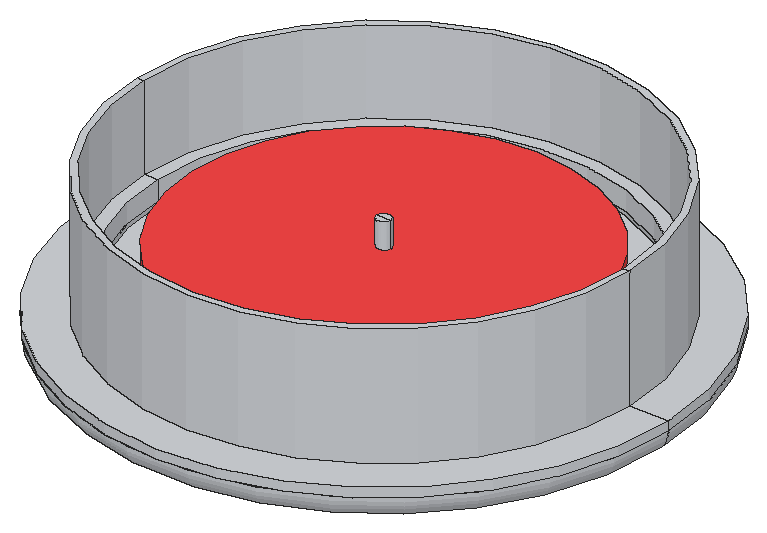
Revit family "fire rated valve BIM", category Specialty Equipment, host Ceiling, Revit 2024
Family settings
  Host = Ceiling
  Round Connector Dimension = Use Diameter
  Part Type = Normal
  Enable Cutting in Views = No
  Always vertical = Yes
  Cut with Voids When Loaded = No
  Maintain Annotation Orientation = No
  Shared = No
  Room Calculation Point = No
Parameters (values of type "Supply - 125mm")
  Part numbers = "90002218, 90002219"
  Valve_Rad = Overall_Rad - 18 mm  # 67 mm
  Supply_Valve = yes
  Overall_Rad = 85 mm
  URL = ""
  Performance = "BS EN 1366-3:2009 & BS 476, ETA-12/0332, 1224-CPR-0341, CE Marked"
  OutsideRadius = 62 mm
  Material = "Intumescent Sealant"
  Manufacturer = "Airflow Developments"
  InsideRadius = 60 mm
  IFC Classification = "Building Element Proxy"
  Holder_Depth = 36 mm
  Extract_Valve = no
  Disc_Rad = 57 mm
  Description = "Ø125mm Fire Rated Supply Valve"
  Default Elevation = 0 mm
  Cut_Out_Rad = 73.6 mm
Types (2, lengths in mm): name | Part numbers | Supply_Valve | Extract_Valve | Description
  Supply - 125mm | "90002218, 90002219" | yes | no | "Ø125mm Fire Rated Supply Valve"
  Extract - 125mm | "90002216, 90002217" | no | yes | "Ø125mm Fire Rated Extract Valve"
Reference planes
  plane 1 "Center (Front/Back)": y = 0
  plane 2: z = 0
  plane 3 "Center (Left/Right)": x = 0
  plane 4 "Ceiling": z = 4000
  plane 5: x = -85
  plane 6: x = -85
  plane 7: x = -73.575
  plane 8: x = -71.575
  plane 9: x = -86.14
  plane 10: x = -77.923
  plane 11: x = -67
  plane 12: x = -67.515
  plane 13: x = -71.365
  plane 14: z = 4036
  plane 15: x = -34.694
  plane 16: x = -2
  plane 17: x = -67
  plane 18: x = -76.694
  plane 19: x = -2
Forms (mm)
  Revolve 1, solid
    sketch origin (0.165, 0, 4040.987) x (-1, 0, 0) y (0, 0, -1)
      loop
        line (67.68, 35.894) -> (67.68, 30.011) -> (71.53, 30.011) -> (71.53, 43.787) -> (85.165, 43.787)
        arc (85.165, 43.787) -> (80.822, 50.416) -> (73.052, 48.861) r 7.078
        arc (73.052, 48.861) -> (69.098, 42.903) -> (67.68, 35.894) r 18.625
      axis (0.165, 48.861) -> (0.165, 30.011)
    angle from 0 to 360
  Extrusion 2, void
    sketch origin (0, 0, 4000) x (0, 1, 0) y (-1, 0, 0)
      loop
        circle (0, 0) r 73.6
    from -61.66 to 119.173
  Revolve 3, solid
    sketch origin (0, 0, 0) x (1, 0, 0) y (0, 0, 1)
      loop
        line (-85, 3997.2) -> (-71.575, 3997.2) -> (-71.575, 4036) -> (-73.575, 4036) -> (-73.575, 4000) -> (-85, 4000) -> (-85, 3997.2)
      axis (0, 3997.2) -> (0, 4036)
    angle from 0 to 360
  Revolve 4, solid, visible <- "Supply_Valve"
    sketch origin (0, 0, 4.375) x (1, 0, 0) y (0, 0, 1)
      loop
        line (0, 3989.92) -> (0, 4000) -> (0, 4020) -> (-2, 4020) -> (-2, 4000) -> (-67, 4000) -> (-67, 3991.467)
        arc (-67, 3991.467) -> (-50.128, 3990.27) -> (-33.217, 3989.92) r 337.527
        line (-33.217, 3989.92) -> (0, 3989.92)
      axis (0, 4020) -> (0, 3989.92)
    angle from 0 to 360
  Extrusion 5, solid, material "Tenmat"
    sketch origin (0, 0, 4000) x (0, 1, 0) y (-1, 0, 0)
      loop
        circle (0, 0) r 57
    from 15 to 17
  Revolve 6, solid, visible <- "Extract_Valve"
    sketch origin (0, 0, 4.375) x (1, 0, 0) y (0, 0, 1)
      loop
        line (-2, 4005) -> (-67, 4000.619) -> (-67, 3996.862) -> (-13.075, 3999.356) -> (0, 3999.356) -> (0, 4020) -> (-2, 4020) -> (-2, 4005)
      axis (0, 4020) -> (0, 3996.862)
    angle from 0 to 360
Dimensions and locks
  equal spacing: host sketch curve, plane 3 "Center (Left/Right)", host sketch curve
  equal spacing: host sketch curve, plane 1 "Center (Front/Back)", host sketch curve
  host sketch curve to host sketch curve = 4000 mm  (x2)
  plane 4 "Ceiling" to host ceiling = 0 mm
  "Overall_Rad": plane 3 "Center (Left/Right)" to plane 5
  "Overall_Rad": plane 3 "Center (Left/Right)" to plane 6
  plane 8 to plane 7 to plane 6 = 2 mm, 11.425 mm
  plane 5 to plane 9 = 1.14 mm
  plane 10 to plane 5 = 7.077 mm
  "Valve_Rad": plane 3 "Center (Left/Right)" to plane 11
  plane 13 to plane 10 = 6.558 mm
  plane 12 to plane 13 = 3.85 mm
  "Holder_Depth": plane 4 "Ceiling" to plane 14
  plane 15 to plane 11 = 32.306 mm
  plane 3 "Center (Left/Right)" to plane 16 = 2 mm
  "Valve_Rad": plane 3 "Center (Left/Right)" to plane 17
  "Cut_Out_Rad": radius of Extrusion 2 sketch curve
  "Disc_Rad": radius of Extrusion 5 sketch curve
  aligned and locked: plane 6 to Revolve 3 sketch curve
  aligned and locked: plane 8 to Revolve 3 sketch curve
  aligned and locked: Revolve 3 sketch curve to plane 7
  aligned and locked: plane 9 to Revolve 1 sketch curve
  aligned and locked: plane 10 to Revolve 1 sketch curve
  aligned and locked: Revolve 1 sketch curve to plane 3 "Center (Left/Right)"
  aligned and locked: Revolve 1 sketch curve to plane 12
  aligned and locked: plane 13 to Revolve 1 sketch curve
  aligned and locked: plane 11 to Revolve 4 sketch curve
  aligned and locked: plane 14 to Revolve 3 sketch curve
  aligned and locked: plane 15 to Revolve 4 sketch curve
  aligned and locked: plane 3 "Center (Left/Right)" to Revolve 4 sketch curve
  aligned and locked: plane 16 to Revolve 4 sketch curve
  aligned and locked: plane 17 to Revolve 6 sketch curve
  aligned and locked: plane 19 to Revolve 6 sketch curve
